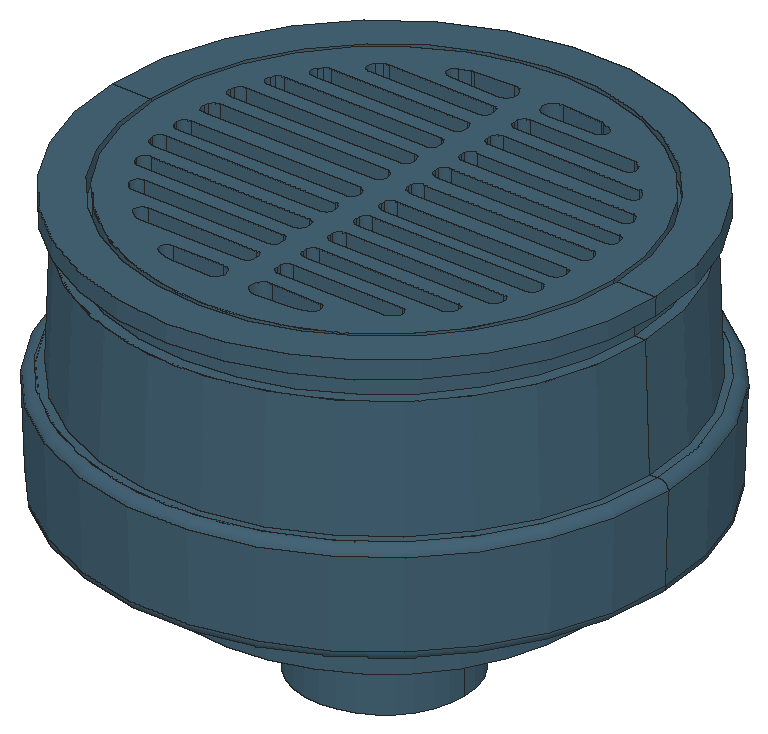
Revit family "Drain_Top_Adjustable_8_Inch-Zurn-Z556-Heavy-Duty", category Plumbing Fixtures, Revit 2022
Family settings
  Round Connector Dimension = Use Radius
  Part Type = Normal
  OmniClass Number = 23.45.55.21
  OmniClass Title = Drains (Wastes)
  Work Plane-Based = No
  Always vertical = Yes
  Cut with Voids When Loaded = No
  Maintain Annotation Orientation = No
  Shared = No
  Room Calculation Point = No
Parameters (values of type "Load Family Type Catalog")
  ZN-Top = no
  ZN-Frame Adjustment Height [instance] = Frame Adjustment Height + [ZN-Frame Height]  # 2.375"
  Width = 8.375"  # constant formula
  Waste Connection = 0 = 0  # yes
  WFU = 1  # constant formula
  Vent Connection = 0 = 1  # no
  URL = "www.zurn.com"
  Type Comments = "Z556-2 Inch-No Hub Outlet"
  Top inner Diameter = 8.000"  # constant formula
  Product data url = "https://www.bimobject.com/en/zurnindustries/product/zurn-z556"
  Product Page URL = "https://www.zurn.com/products/drainage-interceptors/floor-drains/area-drains/z556"
  Product Documentation Link = "https://files.zurn.com/spec-sheets/z556.pdf"
  Frame and Grate = Iron - Zurn - Cast - Painted - Blue
  Frame Adjustment Height [instance] = if([Enter Value-Frame Adjustment Height] < 2.375", 2.375", if([Enter Value-Frame Adjustment Height] > 3.125", 3.125", [Enter Value-Frame Adjustment Height]))  # 2.375"
  ZN-Frame Height = 0.000"
  Connector Radius = [A_ Pipe Size (Nominal)] / 2  # 1.000"
  A_ Pipe Size (Nominal) = 2.000"
  A_ Pipe Size (Actual-Outer) = 2.375"
  Modified Date = "12/19/2025"  # constant formula
  Model = "Z556"
  Manufacurer Brand = "Zurn"  # constant formula
  Manufacturer = "Zurn Water, LLC"  # constant formula
  Body Height_E = 3.875"
  HWFU = 0  # constant formula
  HW Connection = 0 = 1  # no
  Grate Open Area Sq.in = 33.000"  # constant formula
  Description = "12-1/4 [311] DIAMETER TOP ADJUSTABLE HEAVY-DUTY DRAIN"
  Default Elevation = 25.000"  # constant formula
  Date Created = "11/13/2018"  # constant formula
  CWFU = 0  # constant formula
  Main Material = Iron - Zurn - Cast - Painted - Blue
  CW Connection = 0 = 1  # no
  Enter Value-Frame Adjustment Height [instance] = 2.375"
  Assembly Code = "D2030300"
  Approx. Weight (Lbs) = 60.000"  # constant formula
  A_ Pipe Size (Actual-Inner) = 2.067"
Reference planes (in)
  plane 1 "Center (Front/Back)": y = 0
  plane 2: z = 0
  plane 3 "Center (Left/Right)": x = 0
  plane 4: y = 1.1875
  plane 5: y = -1.1875
  plane 6: y = 4
  plane 7: y = -4
  plane 8: x = -4.1875
  plane 9: x = 4.1875
  plane 10: x = -4
  plane 11: x = 4
  plane 12: z = -2.375
  plane 13: z = -4.75
  plane 14: z = -6.25
  plane 15: z = -3.625
  plane 16: z = -1.758
  plane 17: z = -0.254
  plane 18: x = 3.08855
  plane 19: through (3.84842, -180, -0.63484) normal (0.9994, 0, 0.0359)
  plane 20: x = 3.68203
  plane 21: z = -0.625
  plane 22: x = 3.29137
  plane 23: z = -4.339
  plane 24: x = -1.1875
  plane 25: x = 1.1875
  plane 26: x = 3.43787
  plane 27: z = -0.254
  plane 28: z = 0
  plane 29: z = -0.254
  plane 30: y = 4.1875
  plane 31: y = -4.1875
  plane 32: x = 3.375
  plane 33: y = 3.375
  plane 34: y = -3.375
  plane 35: x = -3.375
  plane 36: x = 3.375
  plane 37: x = -2.25
  plane 38: x = -1.125
  plane 39: x = 1.125
  plane 40: x = 2.25
  plane 41: y = 2.25
  plane 42: y = -1.125
  plane 43: y = -2.25
  plane 44: y = 1.125
Forms (in)
  Revolve 1, solid, material "Iron - Zurn - Cast - Painted - Blue" <- "Main Material", detail levels fine
    sketch origin (0, 0, 0) x (1, 0, 0) y (0, 0, 1)
      loop
        line (3.43787, 0) -> (3.43787, -0.254) -> (3.08855, -0.254) -> (3.08855, -1.758) -> (3.29137, -1.758) -> (3.29137, -2.375) -> (3.91085, -2.375) -> (3.84806, -0.625) -> (3.68203, -0.625) -> (3.68203, -0.35491)
        arc (3.68203, -0.35491) -> (3.70709, -0.288) -> (3.76993, -0.254) r 0.10187
        line (3.76993, -0.254) -> (4, -0.254) -> (4, 0) -> (3.43787, 0)
      axis (0, 0) -> (0, -2.375)
    angle from 0 to 360
  Revolve 2, solid, material "Iron - Zurn - Cast - Painted - Blue" <- "Main Material", detail levels fine
    sketch origin (0, 0, 0) x (1, 0, 0) y (0, 0, 1)
      loop
        line (4.02541, -2.375) -> (3.29137, -2.375) -> (3.29137, -3.69792) -> (2.70385, -3.69792) -> (2.70385, -4.339) -> (1.1875, -4.339) -> (1.1875, -4.75) -> (2.9007, -4.75) -> (2.9007, -4.02318)
        arc (2.9007, -4.02318) -> (2.93789, -3.9334) -> (3.02767, -3.89621) r 0.12697
        line (3.02767, -3.89621) -> (3.99457, -3.89621)
        arc (3.99457, -3.89621) -> (4.09548, -3.86202) -> (4.14107, -3.76572) r 0.13649
        line (4.14107, -3.76572) -> (4.18747, -2.49333)
        arc (4.18747, -2.49333) -> (4.12574, -2.40773) -> (4.02541, -2.375) r 0.17014
      axis (0, -2.375) -> (0, -4.75)
    angle from 0 to 360
  Extrusion 3, solid, material "Iron - Zurn - Cast - Painted - Blue" <- "Main Material", detail levels fine
    sketch origin (0, 0, 0) x (1, 0, 0) y (0, 1, 0)
      loop
        circle (0, 0) r 1.1875
    from -6.25 to -4.75
  Extrusion 4, void
    sketch origin (0, 0, 0) x (0, 1, 0) y (1, 0, 0)
      loop
        circle (0, 0) r 1.0335
    from 4.75 to 6.25
  Revolve 5, solid, material "Iron - Zurn - Cast - Painted - Blue" <- "Frame and Grate", visible <- "ZN-Top", detail levels fine
    sketch origin (0, 0, 0) x (1, 0, 0) y (0, 0, 1)
      loop
        line (4, 0.1875) -> (3.38281, 0.1875) -> (3.38281, 0) -> (4, 0) -> (4, 0.1875)
      axis (0, 0.1875) -> (0, 0)
    angle from 0 to 360
Cuts and joins
  Extrusion 4 cuts Extrusion 3
Lines and regions (in)
  Masking region 1, detail levels fine
    outline origin (0, 0, 0) x (1, 0, 0) y (0, 1, 0)
      loop
        circle (0, 0) r 4.1875
  model lines, detail levels coarse+medium
    curve 1: line (0, 0, 0) -> (0, 0, -6.25)
    curve 2: line (-1.1875, 0, -6.25) -> (1.1875, 0, -6.25)
    curve 3: line (0, 1.1875, -6.25) -> (0, -1.1875, -6.25)
    curve 4: circle (0, 0, 0) r 4 normal (0, 0, 1)
    curve 5: circle (0, 0, 0) r 3.375 normal (0, 0, 1)
    curve 6: line (-2.25, 2.51558, 0) -> (-2.25, -2.51558, 0)
    curve 7: line (-1.125, 3.18198, 0) -> (-1.125, -3.18198, 0)
    curve 8: line (0, 3.375, 0) -> (0, -3.375, 0)
    curve 9: line (1.125, 3.18198, 0) -> (1.125, -3.18198, 0)
    curve 10: line (2.25, 2.51558, 0) -> (2.25, -2.51558, 0)
    curve 11: line (-2.51558, 2.25, 0) -> (2.51558, 2.25, 0)
    curve 12: line (-3.18198, 1.125, 0) -> (3.18198, 1.125, 0)
    curve 13: line (-3.375, 0, 0) -> (3.375, 0, 0)
    curve 14: line (-3.18198, -1.125, 0) -> (3.18198, -1.125, 0)
    curve 15: line (-2.51558, -2.25, 0) -> (2.51558, -2.25, 0)
Dimensions and locks (in)
  equal spacing: plane 4, plane 1 "Center (Front/Back)", plane 5
  "A_ Pipe Size (Actual-Outer)": plane 4 to plane 5
  equal spacing: plane 6, plane 1 "Center (Front/Back)", plane 7
  "Top inner Diameter": plane 6 to plane 7
  equal spacing: plane 9, plane 3 "Center (Left/Right)", plane 8
  plane 9 to plane 8 = 8.375"
  equal spacing: plane 11, plane 3 "Center (Left/Right)", plane 10
  plane 11 to plane 10 = 8.000"
  "ZN-Frame Adjustment Height": level to plane 12
  "Body Height_E": plane 12 to plane 14
  plane 13 to plane 14 = 1.500"
  locked: plane 15 to plane 13 at 1.125
  plane 17 to plane 21 = 0.371"
  locked: Revolve 2 sketch curve to Revolve 2 sketch curve at 0.19685
  plane 23 to plane 13 = 0.411"
  equal spacing: plane 25, plane 3 "Center (Left/Right)", plane 24
  "A_ Pipe Size (Actual-Outer)": plane 25 to plane 24
  locked: plane 12 to plane 15 at 1.25
  plane 26 to plane 3 "Center (Left/Right)" = 3.43787"
  plane 16 to plane 12 = 0.617"
  "Frame Adjustment Height": plane 28 to plane 12
  plane 28 to plane 17 = 0.254"
  plane 28 to plane 16 = 1.758"
  plane 28 to plane 29 = 0.254"
  equal spacing: plane 30, plane 1 "Center (Front/Back)", plane 31
  "Width": plane 30 to plane 31
  locked: Revolve 5 sketch curve to plane 28 at 0.1875
  plane 11 to plane 32 = 0.625"
  equal spacing: plane 33, plane 1 "Center (Front/Back)", plane 34
  plane 33 to plane 34 = 6.750"
  equal spacing: plane 35, plane 3 "Center (Left/Right)", plane 36
  plane 35 to plane 36 = 6.750"
  plane 35 to plane 37 to plane 38 to plane 3 "Center (Left/Right)" to plane 39 to plane 40 to plane 36 = 1.125", 1.125", 1.125", 1.125", 1.125", 1.125"
  plane 33 to plane 41 to plane 44 to plane 1 "Center (Front/Back)" to plane 42 to plane 43 to plane 34 = 1.125", 1.125", 1.125", 1.125", 1.125", 1.125"
  "A_ Pipe Size (Actual-Outer)": diameter of Extrusion 3 sketch curve
  "A_ Pipe Size (Actual-Inner)": diameter of Extrusion 4 sketch curve
  aligned and locked: Revolve 1 sketch curve to plane 12
  aligned and locked: Revolve 1 sketch curve to plane 16
  aligned and locked: plane 17 to Revolve 1 sketch curve  (x2)
  aligned and locked: Revolve 1 sketch curve to plane 11
  aligned and locked: plane 19 to Revolve 1 sketch curve
  aligned and locked: plane 18 to Revolve 1 sketch curve
  aligned and locked: plane 20 to Revolve 1 sketch curve  (x2)
  aligned and locked: plane 21 to Revolve 1 sketch curve
  aligned and locked: plane 22 to Revolve 1 sketch curve
  aligned and locked: plane 12 to Revolve 2 sketch curve
  aligned and locked: plane 13 to Revolve 2 sketch curve
  aligned and locked: plane 23 to Revolve 2 sketch curve
  aligned and locked: Revolve 2 sketch curve to plane 3 "Center (Left/Right)"
  aligned and locked: Revolve 2 sketch curve to plane 25
  aligned and locked: plane 3 "Center (Left/Right)" to Extrusion 3 sketch curve
  aligned and locked: plane 1 "Center (Front/Back)" to Extrusion 3 sketch curve
  aligned and locked: plane 13 to Extrusion 3
  aligned and locked: Extrusion 3 to plane 14
  aligned and locked: plane 3 "Center (Left/Right)" to Extrusion 4 sketch curve
  aligned and locked: plane 1 "Center (Front/Back)" to Extrusion 4 sketch curve
  aligned and locked: plane 13 to Extrusion 4
  aligned and locked: Extrusion 4 to plane 14
  aligned and locked: plane 26 to Revolve 1 sketch curve
  aligned and locked: plane 1 "Center (Front/Back)" to nested 1
  aligned and locked: plane 3 "Center (Left/Right)" to nested 1
  aligned and locked: plane 27 to nested 1
  aligned and locked: Revolve 1 sketch curve to plane 28
  aligned and locked: level to curve 1
  aligned and locked: plane 14 to curve 1
  aligned and locked: curve 1 to plane 3 "Center (Left/Right)"
  aligned and locked: plane 24 to curve 2
  aligned and locked: plane 25 to curve 2
  aligned and locked: curve 2 to plane 14
  aligned and locked: plane 4 to curve 3
  aligned and locked: plane 5 to curve 3
  aligned and locked: curve 3 to plane 14
  aligned and locked: plane 3 "Center (Left/Right)" to Masking region 1 sketch curve
  aligned and locked: plane 1 "Center (Front/Back)" to Masking region 1 sketch curve
  aligned and locked: plane 28 to Revolve 5 sketch curve
  aligned and locked: Revolve 5 sketch curve to plane 11
  aligned and locked: plane 32 to nested 1
  aligned and locked: plane 3 "Center (Left/Right)" to curve 4
  aligned and locked: plane 1 "Center (Front/Back)" to curve 4
  aligned and locked: plane 3 "Center (Left/Right)" to curve 5
  aligned and locked: plane 1 "Center (Front/Back)" to curve 5
  aligned and locked: curve 6 to plane 37
  aligned and locked: curve 7 to plane 38
  aligned and locked: curve 8 to plane 3 "Center (Left/Right)"
  aligned and locked: curve 9 to plane 39
  aligned and locked: curve 10 to plane 40
  aligned and locked: curve 11 to plane 41
  aligned and locked: curve 12 to plane 44
  aligned and locked: plane 1 "Center (Front/Back)" to curve 13
  aligned and locked: curve 14 to plane 42
  aligned and locked: curve 15 to plane 43
Automatic sketch dimensions
  Revolve 1 sketch curve to plane 3 "Center (Left/Right)" = 0.000"
  plane 20 to Revolve 1 sketch curve = 0.0879"
  Revolve 1 sketch curve to plane 17 = 0.10091"
  Revolve 1 sketch curve to plane 14 = 1.25393"
  level to Revolve 1 sketch curve = 1.74607"
  Revolve 2 sketch curve to plane 15 = 0.07292"
  Revolve 2 sketch curve to plane 11 = 1.29615"
  Revolve 2 sketch curve to Revolve 2 sketch curve = 0.12697"
  Revolve 2 sketch curve to plane 11 = 0.70863"
  Revolve 2 sketch curve to plane 11 = 0.00543"
  plane 11 to Revolve 2 sketch curve = 0.00469"
  plane 11 to Revolve 2 sketch curve = 0.02541"
  Revolve 2 sketch curve to plane 9 = 0.04643"
  Revolve 2 sketch curve to plane 9 = 0.00003"
  plane 23 to Revolve 2 sketch curve = 0.31582"
  Revolve 2 sketch curve to Revolve 2 sketch curve = 0.13049"
  Revolve 2 sketch curve to plane 12 = 0.17014"
  Revolve 2 sketch curve to plane 14 = 1.625"
  level to Revolve 2 sketch curve = 2.375"
  Revolve 5 sketch curve to plane 3 "Center (Left/Right)" = 0.000"
  plane 12 to Revolve 5 sketch curve = 0.67384"
  level to Revolve 5 sketch curve = 0.500"
  Revolve 5 sketch curve to Revolve 5 sketch curve = 0.61719"
  curve 13 to plane 35 = 0.000"
  radius of Masking region 1 sketch curve = 4.1875"
  radius of curve 4 = 4.000"
Nested families (in)
  nested 1: "Grate" at (0, 0, 0), Grate <- "Frame and Grate", type "Grate", detail levels fine
    with Grate Iron - Zurn - Cast - Painted - Blue
Connectors (in)
  piping at (0, 0, -6.25), diameter 2, driven by "Connector Radius", driven by "Waste Connection"
    settings: on cut or joined group of Extrusion 3, Extrusion 4, index 1, connector inside diameter 24", connector length 0.000", flow factor 0, pipe flow 0 GPM, pressure drop 0.00 psi, fitting loss kfactor 0, connector angle 0.00°, fixture units 0, engagement length 0.000", angle of deflection 0.00°, flow configuration 0, flow direction 2, fitting loss method 0, system type 7, joint type 0, gender type 0, connector reference index -1, connector utility 1, adjustable connector no, is connector primary yes, connector description "Outlet Connection"
Definition of nested family "Grate"
  Parameters (values of type "Grate")
    URL = "www.zurn.com"
    Product data url = ""
    Product Page URL = ""
    Product Installation Sheet URL = ""
    Product Documentation Link = ""
    Modified Date = ""
    Manufacurer Brand = "Zurn"  # constant formula
    Manufacturer = "Zurn Water, LLC"  # constant formula
    Grate [instance] = none
    Default Elevation = 0.000"
    Date Created = ""
    Approx. Weight (Lbs) = 0.000"
  Reference planes (in)
    plane 1 "Center (Front/Back)": y = 0
    plane 2: z = 0
    plane 3 "Center (Left/Right)": x = 0
    plane 4: x = -3.375
    plane 5: x = 3.375
    plane 6: y = 3.375
    plane 7: y = -3.375
    plane 8: z = -0.254
  Forms (in)
    Extrusion 1, solid, material <- "Grate"
      sketch origin (0, 0, 0) x (1, 0, 0) y (0, 1, 0)
        loop
          circle (0, 0) r 3.375
      from 0 to -0.254
    Extrusion 2, void
      sketch origin (0, 0, 0) x (1, 0, 0) y (0, 1, 0)
        loop
          arc (-0.2613, 0.60552) -> (-0.18528, 0.63701) -> (-0.1538, 0.71302) r 0.1075
          line (-0.1538, 0.71302) -> (-0.1538, 0.76677)
          arc (-0.1538, 0.76677) -> (-0.18528, 0.84279) -> (-0.2613, 0.87427) r 0.1075
          line (-0.2613, 0.87427) -> (-2.74011, 0.87427)
          arc (-2.74011, 0.87427) -> (-2.80532, 0.85224) -> (-2.8438, 0.79517) r 0.1075
          arc (-2.8438, 0.79517) -> (-2.85128, 0.76731) -> (-2.85849, 0.73939) r 2.95625
          arc (-2.85849, 0.73939) -> (-2.8391, 0.64698) -> (-2.75427, 0.60552) r 0.1075
          line (-2.75427, 0.60552) -> (-0.2613, 0.60552)
        loop
          line (-0.2613, 1.35802) -> (-2.55908, 1.35802)
          arc (-2.55908, 1.35802) -> (-2.61626, 1.34155) -> (-2.65593, 1.29717) r 0.1075
          arc (-2.65593, 1.29717) -> (-2.66915, 1.26935) -> (-2.68208, 1.24139) r 2.95625
          arc (-2.68208, 1.24139) -> (-2.6747, 1.13864) -> (-2.58428, 1.08927) r 0.1075
          line (-2.58428, 1.08927) -> (-0.2613, 1.08927)
          arc (-0.2613, 1.08927) -> (-0.18528, 1.12076) -> (-0.1538, 1.19677) r 0.1075
          line (-0.1538, 1.19677) -> (-0.1538, 1.25052)
          arc (-0.1538, 1.25052) -> (-0.18528, 1.32654) -> (-0.2613, 1.35802) r 0.1075
        loop
          arc (-0.2613, 1.57302) -> (-0.18528, 1.60451) -> (-0.1538, 1.68052) r 0.1075
          line (-0.1538, 1.68052) -> (-0.1538, 1.73427)
          arc (-0.1538, 1.73427) -> (-0.18528, 1.81029) -> (-0.2613, 1.84177) r 0.1075
          line (-0.2613, 1.84177) -> (-2.26345, 1.84177)
          arc (-2.26345, 1.84177) -> (-2.31129, 1.83054) -> (-2.34914, 1.79918) r 0.1075
          arc (-2.34914, 1.79918) -> (-2.36992, 1.77141) -> (-2.39037, 1.7434) r 2.95625
          arc (-2.39037, 1.7434) -> (-2.39887, 1.63155) -> (-2.30317, 1.57302) r 0.1075
          line (-2.30317, 1.57302) -> (-0.2613, 1.57302)
        loop
          arc (-0.2613, 2.05677) -> (-0.18528, 2.08826) -> (-0.1538, 2.16427) r 0.1075
          line (-0.1538, 2.16427) -> (-0.1538, 2.21802)
          arc (-0.1538, 2.21802) -> (-0.18528, 2.29404) -> (-0.2613, 2.32552) r 0.1075
          line (-0.2613, 2.32552) -> (-1.79778, 2.32552)
          arc (-1.79778, 2.32552) -> (-1.83395, 2.31925) -> (-1.8659, 2.30118) r 0.1075
          arc (-1.8659, 2.30118) -> (-1.89915, 2.27353) -> (-1.932, 2.2454) r 2.95625
          arc (-1.932, 2.2454) -> (-1.96216, 2.12662) -> (-1.86147, 2.05677) r 0.1075
          line (-1.86147, 2.05677) -> (-0.2613, 2.05677)
        loop
          line (-0.35956, 2.84106) -> (-0.93739, 2.80927)
          arc (-0.93739, 2.80927) -> (-0.95547, 2.80774) -> (-0.97304, 2.80319) r 0.1075
          arc (-0.97304, 2.80319) -> (-1.0465, 2.77626) -> (-1.11921, 2.74741) r 2.95625
          arc (-1.11921, 2.74741) -> (-1.1837, 2.62714) -> (-1.07824, 2.54052) r 0.1075
          line (-1.07824, 2.54052) -> (-0.35501, 2.52136)
          arc (-0.35501, 2.52136) -> (-0.19079, 2.68358) -> (-0.35956, 2.84106) r 0.16
        loop
          line (-0.2613, -0.57698) -> (-2.75427, -0.57698)
          arc (-2.75427, -0.57698) -> (-2.8391, -0.61844) -> (-2.85849, -0.71085) r 0.1075
          arc (-2.85849, -0.71085) -> (-2.85128, -0.73877) -> (-2.8438, -0.76662) r 2.95625
          arc (-2.8438, -0.76662) -> (-2.80532, -0.82369) -> (-2.74011, -0.84573) r 0.1075
          line (-2.74011, -0.84573) -> (-0.2613, -0.84573)
          arc (-0.2613, -0.84573) -> (-0.18528, -0.81424) -> (-0.1538, -0.73823) r 0.1075
          line (-0.1538, -0.73823) -> (-0.1538, -0.68448)
          arc (-0.1538, -0.68448) -> (-0.18528, -0.60846) -> (-0.2613, -0.57698) r 0.1075
        loop
          arc (0.2762, -0.57698) -> (0.20019, -0.60846) -> (0.1687, -0.68448) r 0.1075
          line (0.1687, -0.68448) -> (0.1687, -0.73823)
          arc (0.1687, -0.73823) -> (0.20019, -0.81424) -> (0.2762, -0.84573) r 0.1075
          line (0.2762, -0.84573) -> (2.75502, -0.84573)
          arc (2.75502, -0.84573) -> (2.82022, -0.82369) -> (2.8587, -0.76662) r 0.1075
          arc (2.8587, -0.76662) -> (2.86618, -0.73877) -> (2.87339, -0.71085) r 2.95625
          arc (2.87339, -0.71085) -> (2.854, -0.61844) -> (2.76918, -0.57698) r 0.1075
          line (2.76918, -0.57698) -> (0.2762, -0.57698)
        loop
          line (0.2762, 0.60552) -> (2.76918, 0.60552)
          arc (2.76918, 0.60552) -> (2.854, 0.64698) -> (2.87339, 0.73939) r 0.1075
          arc (2.87339, 0.73939) -> (2.86618, 0.76731) -> (2.8587, 0.79517) r 2.95625
          arc (2.8587, 0.79517) -> (2.82022, 0.85224) -> (2.75502, 0.87427) r 0.1075
          line (2.75502, 0.87427) -> (0.2762, 0.87427)
          arc (0.2762, 0.87427) -> (0.20019, 0.84279) -> (0.1687, 0.76677) r 0.1075
          line (0.1687, 0.76677) -> (0.1687, 0.71302)
          arc (0.1687, 0.71302) -> (0.20019, 0.63701) -> (0.2762, 0.60552) r 0.1075
        loop
          line (0.2762, 2.05677) -> (1.87638, 2.05677)
          arc (1.87638, 2.05677) -> (1.97707, 2.12662) -> (1.9469, 2.2454) r 0.1075
          arc (1.9469, 2.2454) -> (1.91406, 2.27353) -> (1.88081, 2.30118) r 2.95625
          arc (1.88081, 2.30118) -> (1.84885, 2.31925) -> (1.81268, 2.32552) r 0.1075
          line (1.81268, 2.32552) -> (0.2762, 2.32552)
          arc (0.2762, 2.32552) -> (0.20019, 2.29404) -> (0.1687, 2.21802) r 0.1075
          line (0.1687, 2.21802) -> (0.1687, 2.16427)
          arc (0.1687, 2.16427) -> (0.20019, 2.08826) -> (0.2762, 2.05677) r 0.1075
        loop
          line (0.2762, 1.57302) -> (2.31808, 1.57302)
          arc (2.31808, 1.57302) -> (2.41377, 1.63155) -> (2.40527, 1.7434) r 0.1075
          arc (2.40527, 1.7434) -> (2.38482, 1.77141) -> (2.36404, 1.79918) r 2.95625
          arc (2.36404, 1.79918) -> (2.3262, 1.83054) -> (2.27835, 1.84177) r 0.1075
          line (2.27835, 1.84177) -> (0.2762, 1.84177)
          arc (0.2762, 1.84177) -> (0.20019, 1.81029) -> (0.1687, 1.73427) r 0.1075
          line (0.1687, 1.73427) -> (0.1687, 1.68052)
          arc (0.1687, 1.68052) -> (0.20019, 1.60451) -> (0.2762, 1.57302) r 0.1075
        loop
          arc (0.2762, 1.35802) -> (0.20019, 1.32654) -> (0.1687, 1.25052) r 0.1075
          line (0.1687, 1.25052) -> (0.1687, 1.19677)
          arc (0.1687, 1.19677) -> (0.20019, 1.12076) -> (0.2762, 1.08927) r 0.1075
          line (0.2762, 1.08927) -> (2.59918, 1.08927)
          arc (2.59918, 1.08927) -> (2.68961, 1.13864) -> (2.69698, 1.24139) r 0.1075
          arc (2.69698, 1.24139) -> (2.68405, 1.26935) -> (2.67083, 1.29717) r 2.95625
          arc (2.67083, 1.29717) -> (2.63117, 1.34155) -> (2.57398, 1.35802) r 0.1075
          line (2.57398, 1.35802) -> (0.2762, 1.35802)
        loop
          line (-0.2613, -2.02823) -> (-1.86147, -2.02823)
          arc (-1.86147, -2.02823) -> (-1.96216, -2.09808) -> (-1.932, -2.21686) r 0.1075
          arc (-1.932, -2.21686) -> (-1.89915, -2.24499) -> (-1.8659, -2.27264) r 2.95625
          arc (-1.8659, -2.27264) -> (-1.83395, -2.29071) -> (-1.79778, -2.29698) r 0.1075
          line (-1.79778, -2.29698) -> (-0.2613, -2.29698)
          arc (-0.2613, -2.29698) -> (-0.18528, -2.26549) -> (-0.1538, -2.18948) r 0.1075
          line (-0.1538, -2.18948) -> (-0.1538, -2.13573)
          arc (-0.1538, -2.13573) -> (-0.18528, -2.05971) -> (-0.2613, -2.02823) r 0.1075
        loop
          arc (0.2762, -2.02823) -> (0.20019, -2.05971) -> (0.1687, -2.13573) r 0.1075
          line (0.1687, -2.13573) -> (0.1687, -2.18948)
          arc (0.1687, -2.18948) -> (0.20019, -2.26549) -> (0.2762, -2.29698) r 0.1075
          line (0.2762, -2.29698) -> (1.81268, -2.29698)
          arc (1.81268, -2.29698) -> (1.84885, -2.29071) -> (1.88081, -2.27264) r 0.1075
          arc (1.88081, -2.27264) -> (1.91406, -2.24499) -> (1.9469, -2.21686) r 2.95625
          arc (1.9469, -2.21686) -> (1.97707, -2.09808) -> (1.87638, -2.02823) r 0.1075
          line (1.87638, -2.02823) -> (0.2762, -2.02823)
        loop
          line (-0.2613, -1.54448) -> (-2.30317, -1.54448)
          arc (-2.30317, -1.54448) -> (-2.39887, -1.603) -> (-2.39037, -1.71486) r 0.1075
          arc (-2.39037, -1.71486) -> (-2.36992, -1.74287) -> (-2.34914, -1.77063) r 2.95625
          arc (-2.34914, -1.77063) -> (-2.31129, -1.80199) -> (-2.26345, -1.81323) r 0.1075
          line (-2.26345, -1.81323) -> (-0.2613, -1.81323)
          arc (-0.2613, -1.81323) -> (-0.18528, -1.78174) -> (-0.1538, -1.70573) r 0.1075
          line (-0.1538, -1.70573) -> (-0.1538, -1.65198)
          arc (-0.1538, -1.65198) -> (-0.18528, -1.57596) -> (-0.2613, -1.54448) r 0.1075
        loop
          arc (0.2762, -1.54448) -> (0.20019, -1.57596) -> (0.1687, -1.65198) r 0.1075
          line (0.1687, -1.65198) -> (0.1687, -1.70573)
          arc (0.1687, -1.70573) -> (0.20019, -1.78174) -> (0.2762, -1.81323) r 0.1075
          line (0.2762, -1.81323) -> (2.27835, -1.81323)
          arc (2.27835, -1.81323) -> (2.3262, -1.80199) -> (2.36404, -1.77063) r 0.1075
          arc (2.36404, -1.77063) -> (2.38482, -1.74287) -> (2.40527, -1.71486) r 2.95625
          arc (2.40527, -1.71486) -> (2.41377, -1.603) -> (2.31808, -1.54448) r 0.1075
          line (2.31808, -1.54448) -> (0.2762, -1.54448)
        loop
          arc (-0.2613, -1.32948) -> (-0.18528, -1.29799) -> (-0.1538, -1.22198) r 0.1075
          line (-0.1538, -1.22198) -> (-0.1538, -1.16823)
          arc (-0.1538, -1.16823) -> (-0.18528, -1.09221) -> (-0.2613, -1.06073) r 0.1075
          line (-0.2613, -1.06073) -> (-2.58428, -1.06073)
          arc (-2.58428, -1.06073) -> (-2.6747, -1.11009) -> (-2.68208, -1.21285) r 0.1075
          arc (-2.68208, -1.21285) -> (-2.66915, -1.24081) -> (-2.65593, -1.26863) r 2.95625
          arc (-2.65593, -1.26863) -> (-2.61626, -1.313) -> (-2.55908, -1.32948) r 0.1075
          line (-2.55908, -1.32948) -> (-0.2613, -1.32948)
        loop
          line (0.2762, -1.32948) -> (2.57398, -1.32948)
          arc (2.57398, -1.32948) -> (2.63117, -1.313) -> (2.67083, -1.26863) r 0.1075
          arc (2.67083, -1.26863) -> (2.68405, -1.24081) -> (2.69698, -1.21285) r 2.95625
          arc (2.69698, -1.21285) -> (2.68961, -1.11009) -> (2.59918, -1.06073) r 0.1075
          line (2.59918, -1.06073) -> (0.2762, -1.06073)
          arc (0.2762, -1.06073) -> (0.20019, -1.09221) -> (0.1687, -1.16823) r 0.1075
          line (0.1687, -1.16823) -> (0.1687, -1.22198)
          arc (0.1687, -1.22198) -> (0.20019, -1.29799) -> (0.2762, -1.32948) r 0.1075
        loop
          arc (0.35956, 2.84106) -> (0.19079, 2.68358) -> (0.35501, 2.52136) r 0.16
          line (0.35501, 2.52136) -> (1.07824, 2.54052)
          arc (1.07824, 2.54052) -> (1.1837, 2.62714) -> (1.11921, 2.74741) r 0.1075
          arc (1.11921, 2.74741) -> (1.0465, 2.77626) -> (0.97304, 2.80319) r 2.95625
          arc (0.97304, 2.80319) -> (0.95547, 2.80774) -> (0.93739, 2.80927) r 0.1075
          line (0.93739, 2.80927) -> (0.35956, 2.84106)
        loop
          arc (-0.2613, 0.12177) -> (-0.18528, 0.15326) -> (-0.1538, 0.22927) r 0.1075
          line (-0.1538, 0.22927) -> (-0.1538, 0.28302)
          arc (-0.1538, 0.28302) -> (-0.18528, 0.35904) -> (-0.2613, 0.39052) r 0.1075
          line (-0.2613, 0.39052) -> (-2.74011, 0.39052)
          arc (-2.74011, 0.39052) -> (-2.80532, 0.36849) -> (-2.8438, 0.31142) r 0.1075
          arc (-2.8438, 0.31142) -> (-2.85128, 0.28356) -> (-2.85849, 0.25564) r 2.95625
          arc (-2.85849, 0.25564) -> (-2.8391, 0.16323) -> (-2.75427, 0.12177) r 0.1075
          line (-2.75427, 0.12177) -> (-0.2613, 0.12177)
        loop
          line (0.2762, 0.12177) -> (2.76918, 0.12177)
          arc (2.76918, 0.12177) -> (2.854, 0.16323) -> (2.87339, 0.25564) r 0.1075
          arc (2.87339, 0.25564) -> (2.86618, 0.28356) -> (2.8587, 0.31142) r 2.95625
          arc (2.8587, 0.31142) -> (2.82022, 0.36849) -> (2.75502, 0.39052) r 0.1075
          line (2.75502, 0.39052) -> (0.2762, 0.39052)
          arc (0.2762, 0.39052) -> (0.20019, 0.35904) -> (0.1687, 0.28302) r 0.1075
          line (0.1687, 0.28302) -> (0.1687, 0.22927)
          arc (0.1687, 0.22927) -> (0.20019, 0.15326) -> (0.2762, 0.12177) r 0.1075
        loop
          arc (-0.35956, -2.84106) -> (-0.19079, -2.68358) -> (-0.35501, -2.52136) r 0.16
          line (-0.35501, -2.52136) -> (-1.07824, -2.54052)
          arc (-1.07824, -2.54052) -> (-1.1837, -2.62714) -> (-1.11921, -2.74741) r 0.1075
          arc (-1.11921, -2.74741) -> (-1.0465, -2.77626) -> (-0.97304, -2.80319) r 2.95625
          arc (-0.97304, -2.80319) -> (-0.95547, -2.80774) -> (-0.93739, -2.80927) r 0.1075
          line (-0.93739, -2.80927) -> (-0.35956, -2.84106)
        loop
          line (0.35956, -2.84106) -> (0.93739, -2.80927)
          arc (0.93739, -2.80927) -> (0.95547, -2.80774) -> (0.97304, -2.80319) r 0.1075
          arc (0.97304, -2.80319) -> (1.0465, -2.77626) -> (1.11921, -2.74741) r 2.95625
          arc (1.11921, -2.74741) -> (1.1837, -2.62714) -> (1.07824, -2.54052) r 0.1075
          line (1.07824, -2.54052) -> (0.35501, -2.52136)
          arc (0.35501, -2.52136) -> (0.19079, -2.68358) -> (0.35956, -2.84106) r 0.16
        loop
          line (-0.2613, -0.12177) -> (-2.75427, -0.12177)
          arc (-2.75427, -0.12177) -> (-2.8391, -0.16323) -> (-2.85849, -0.25564) r 0.1075
          arc (-2.85849, -0.25564) -> (-2.85128, -0.28356) -> (-2.8438, -0.31142) r 2.95625
          arc (-2.8438, -0.31142) -> (-2.80532, -0.36849) -> (-2.74011, -0.39052) r 0.1075
          line (-2.74011, -0.39052) -> (-0.2613, -0.39052)
          arc (-0.2613, -0.39052) -> (-0.18528, -0.35904) -> (-0.1538, -0.28302) r 0.1075
          line (-0.1538, -0.28302) -> (-0.1538, -0.22927)
          arc (-0.1538, -0.22927) -> (-0.18528, -0.15326) -> (-0.2613, -0.12177) r 0.1075
        loop
          arc (0.2762, -0.12177) -> (0.20019, -0.15326) -> (0.1687, -0.22927) r 0.1075
          line (0.1687, -0.22927) -> (0.1687, -0.28302)
          arc (0.1687, -0.28302) -> (0.20019, -0.35904) -> (0.2762, -0.39052) r 0.1075
          line (0.2762, -0.39052) -> (2.75502, -0.39052)
          arc (2.75502, -0.39052) -> (2.82022, -0.36849) -> (2.8587, -0.31142) r 0.1075
          arc (2.8587, -0.31142) -> (2.86618, -0.28356) -> (2.87339, -0.25564) r 2.95625
          arc (2.87339, -0.25564) -> (2.854, -0.16323) -> (2.76918, -0.12177) r 0.1075
          line (2.76918, -0.12177) -> (0.2762, -0.12177)
      from -0.254 to 0
  Cuts and joins
    Extrusion 2 cuts Extrusion 1
  Dimensions and locks (in)
    equal spacing: plane 4, plane 3 "Center (Left/Right)", plane 5
    plane 4 to plane 3 "Center (Left/Right)" = 3.375"
    plane 4 to plane 5 = 6.750"
    equal spacing: plane 6, plane 1 "Center (Front/Back)", plane 7
    plane 1 "Center (Front/Back)" to plane 7 = 3.375"
    plane 6 to plane 7 = 6.750"
    level to plane 8 = 0.254"
    aligned and locked: plane 2 to level
    aligned and locked: Extrusion 1 to level
    aligned and locked: Extrusion 1 to plane 8
    aligned and locked: Extrusion 1 to Extrusion 2
    aligned and locked: level to Extrusion 2
  Automatic sketch dimensions
    plane 1 "Center (Front/Back)" to Extrusion 1 sketch curve = 0.000"
    Extrusion 1 sketch curve to plane 3 "Center (Left/Right)" = 0.000"
    Extrusion 2 sketch curve to Extrusion 2 sketch curve = 0.000"  (x320)
    plane 1 "Center (Front/Back)" to Extrusion 2 sketch curve = 0.12177"  (x2)
    plane 4 to Extrusion 2 sketch curve = 0.62073"
    Extrusion 2 sketch curve to plane 1 "Center (Front/Back)" = 0.12177"  (x2)
    Extrusion 2 sketch curve to Extrusion 2 sketch curve = 0.01416"  (x8)
    Extrusion 2 sketch curve to Extrusion 2 sketch curve = 0.15584"  (x3)
    Extrusion 2 sketch curve to Extrusion 2 sketch curve = 0.0252"  (x4)
    Extrusion 2 sketch curve to Extrusion 2 sketch curve = 0.2559"  (x4)
    Extrusion 2 sketch curve to Extrusion 2 sketch curve = 0.03973"  (x4)
    Extrusion 2 sketch curve to Extrusion 2 sketch curve = 0.40197"  (x4)
    Extrusion 2 sketch curve to Extrusion 2 sketch curve = 0.06369"  (x4)
    Extrusion 2 sketch curve to Extrusion 2 sketch curve = 0.71954"  (x2)
    Extrusion 2 sketch curve to Extrusion 2 sketch curve = 0.14086"  (x4)
    Extrusion 2 sketch curve to plane 3 "Center (Left/Right)" = 0.35956"  (x2)
    Extrusion 2 sketch curve to Extrusion 2 sketch curve = 0.00455"  (x2)
    Extrusion 2 sketch curve to Extrusion 2 sketch curve = 0.00879"  (x4)
    Extrusion 2 sketch curve to plane 3 "Center (Left/Right)" = 0.2613"  (x10)
    Extrusion 2 sketch curve to Extrusion 2 sketch curve = 0.1075"  (x51)
    Extrusion 2 sketch curve to plane 3 "Center (Left/Right)" = 0.00745"  (x2)
    plane 3 "Center (Left/Right)" to Extrusion 2 sketch curve = 0.00745"  (x4)
    plane 3 "Center (Left/Right)" to Extrusion 2 sketch curve = 0.1687"  (x10)
    plane 3 "Center (Left/Right)" to Extrusion 2 sketch curve = 0.35077"  (x2)
    Extrusion 2 sketch curve to Extrusion 2 sketch curve = 0.00424"  (x2)
    Extrusion 2 sketch curve to Extrusion 2 sketch curve = 0.58662"  (x2)
    Extrusion 2 sketch curve to Extrusion 2 sketch curve = 0.73444"  (x2)
    plane 1 "Center (Front/Back)" to Extrusion 2 sketch curve = 0.28302"
    Extrusion 2 sketch curve to plane 5 = 0.61998"
    Extrusion 2 sketch curve to Extrusion 2 sketch curve = 0.16125"
    Extrusion 2 sketch curve to Extrusion 2 sketch curve = 0.05375"  (x44)
    Extrusion 2 sketch curve to Extrusion 2 sketch curve = 0.18646"  (x4)
    Extrusion 2 sketch curve to Extrusion 2 sketch curve = 0.215"  (x14)
    Extrusion 2 sketch curve to Extrusion 2 sketch curve = 0.22438"  (x2)
    Extrusion 2 sketch curve to Extrusion 2 sketch curve = 0.01916"  (x4)
    Extrusion 2 sketch curve to Extrusion 2 sketch curve = 0.15994"  (x4)
    plane 1 "Center (Front/Back)" to Extrusion 2 sketch curve = 0.01427"  (x2)
    Extrusion 2 sketch curve to plane 1 "Center (Front/Back)" = 0.01427"  (x2)
    Extrusion 2 sketch curve to Extrusion 2 sketch curve = 0.19584"  (x2)
    radius of Extrusion 1 sketch curve = 3.375"
Types in the file's own list only (18): name | ZN-Top | Width | Type Comments | Top inner Diameter | Frame and Grate | ZN-Frame Height | Connector Radius | A_ Pipe Size (Nominal) | A_ Pipe Size (Actual-Outer) | Model | Body Height_E | Grate Open Area Sq.in | Default Elevation | Approx. Weight (Lbs) | A_ Pipe Size (Actual-Inner)
  Z556-2IP | No | 8.375 " | "Z556-2 Inch-Threaded Outlet" | 8.000 " | Iron - Zurn - Cast - Painted - Blue | 0.000 " | 1.000 " | 2.000 " | 2.375 " | "Z556" | 2.625 " | 33.000 " | 25.000 " | 60.000 " | 2.067 "
  Z556-2NH | No | 8.375 " | "Z556-2 Inch-No Hub Outlet" | 8.000 " | Iron - Zurn - Cast - Painted - Blue | 0.000 " | 1.000 " | 2.000 " | 2.375 " | "Z556" | 3.875 " | 33.000 " | 25.000 " | 60.000 " | 2.067 "
  Z556-2NL | No | 8.375 " | "Z556-2 Inch-Neo Loc Outlet" | 8.000 " | Iron - Zurn - Cast - Painted - Blue | 0.000 " | 1.000 " | 2.000 " | 2.375 " | "Z556" | 3.750 " | 33.000 " | 25.000 " | 60.000 " | 2.067 "
  Z556-3IP | No | 8.375 " | "Z556-3 Inch-Threaded Outlet" | 8.000 " | Iron - Zurn - Cast - Painted - Blue | 0.000 " | 1.500 " | 3.000 " | 3.500 " | "Z556" | 2.625 " | 33.000 " | 25.000 " | 60.000 " | 3.068 "
  Z556-3NH | No | 8.375 " | "Z556-3 Inch-No Hub Outlet" | 8.000 " | Iron - Zurn - Cast - Painted - Blue | 0.000 " | 1.500 " | 3.000 " | 3.500 " | "Z556" | 3.875 " | 33.000 " | 25.000 " | 60.000 " | 3.068 "
  Z556-3NL | No | 8.375 " | "Z556-3 Inch-Neo Loc Outlet" | 8.000 " | Iron - Zurn - Cast - Painted - Blue | 0.000 " | 1.500 " | 3.000 " | 3.500 " | "Z556" | 3.750 " | 33.000 " | 25.000 " | 60.000 " | 3.068 "
  Z556-4IP | No | 8.375 " | "Z556-4 Inch-Threaded Outlet" | 8.000 " | Iron - Zurn - Cast - Painted - Blue | 0.000 " | 2.000 " | 4.000 " | 4.500 " | "Z556" | 2.625 " | 33.000 " | 25.000 " | 60.000 " | 4.026 "
  Z556-4NH | No | 8.375 " | "Z556-4 Inch-No Hub Outlet" | 8.000 " | Iron - Zurn - Cast - Painted - Blue | 0.000 " | 2.000 " | 4.000 " | 4.500 " | "Z556" | 3.875 " | 33.000 " | 25.000 " | 60.000 " | 4.026 "
  Z556-4NL | No | 8.375 " | "Z556-4 Inch-Neo Loc Outlet" | 8.000 " | Iron - Zurn - Cast - Painted - Blue | 0.000 " | 2.000 " | 4.000 " | 4.500 " | "Z556" | 3.750 " | 33.000 " | 25.000 " | 60.000 " | 4.026 "
  ZN556-2IP | Yes | 8.375 " | "ZN556-2 Inch-Threaded Outlet" | 8.000 " | Bronze - Zurn - Polished Nickel | 0.188 " | 1.000 " | 2.000 " | 2.375 " | "ZN556" | 2.625 " | 33.000 " | 25.000 " | 60.000 " | 2.067 "
  ZN556-2NH | Yes | 8.375 " | "ZN556-2 Inch-No Hub Outlet" | 8.000 " | Bronze - Zurn - Polished Nickel | 0.188 " | 1.000 " | 2.000 " | 2.375 " | "ZN556" | 3.875 " | 33.000 " | 25.000 " | 60.000 " | 2.067 "
  ZN556-2NL | Yes | 8.375 " | "ZN556-2 Inch-Neo Loc Outlet" | 8.000 " | Bronze - Zurn - Polished Nickel | 0.188 " | 1.000 " | 2.000 " | 2.375 " | "ZN556" | 3.750 " | 33.000 " | 25.000 " | 60.000 " | 2.067 "
  ZN556-3IP | Yes | 8.375 " | "ZN556-3 Inch-Threaded Outlet" | 8.000 " | Bronze - Zurn - Polished Nickel | 0.188 " | 1.500 " | 3.000 " | 3.500 " | "ZN556" | 2.625 " | 33.000 " | 25.000 " | 60.000 " | 3.068 "
  ZN556-3NH | Yes | 8.375 " | "ZN556-3 Inch-No Hub Outlet" | 8.000 " | Bronze - Zurn - Polished Nickel | 0.188 " | 1.500 " | 3.000 " | 3.500 " | "ZN556" | 3.875 " | 33.000 " | 25.000 " | 60.000 " | 3.068 "
  ZN556-3NL | Yes | 8.375 " | "ZN556-3 Inch-Neo Loc Outlet" | 8.000 " | Bronze - Zurn - Polished Nickel | 0.188 " | 1.500 " | 3.000 " | 3.500 " | "ZN556" | 3.750 " | 33.000 " | 25.000 " | 60.000 " | 3.068 "
  ZN556-4IP | Yes | 8.375 " | "ZN556-4 Inch-Threaded Outlet" | 8.000 " | Bronze - Zurn - Polished Nickel | 0.188 " | 2.000 " | 4.000 " | 4.500 " | "ZN556" | 2.625 " | 33.000 " | 25.000 " | 60.000 " | 4.026 "
  ZN556-4NH | Yes | 8.375 " | "ZN556-4 Inch-No Hub Outlet" | 8.000 " | Bronze - Zurn - Polished Nickel | 0.188 " | 2.000 " | 4.000 " | 4.500 " | "ZN556" | 3.875 " | 33.000 " | 25.000 " | 60.000 " | 4.026 "
  ZN556-4NL | Yes | 8.375 " | "ZN556-4 Inch-Neo Loc Outlet" | 8.000 " | Bronze - Zurn - Polished Nickel | 0.188 " | 2.000 " | 4.000 " | 4.500 " | "ZN556" | 3.750 " | 33.000 " | 25.000 " | 60.000 " | 4.026 "
